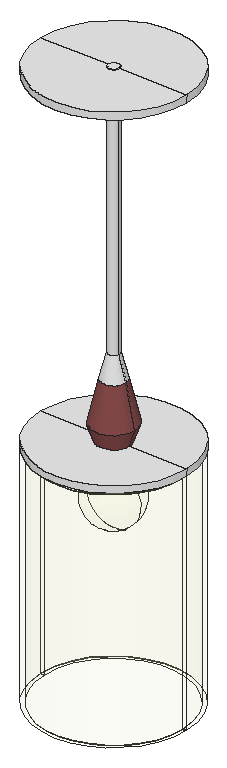
Revit family
Parameters (values of type "실링 03 W180*H700")
  천장 고정 재료 = 금속 - 크롬(2)
  천장 드롭 = 700.00 mm
  Wattage = 100 W
  built-in parameter 1150110 = 1 (stored number, unit not read)
  built-in parameter 1114217 = 1 (stored number, unit not read)
  built-in parameter 1150109 = 1 (stored number, unit not read)
  built-in parameter 1150134 = 4
  built-in parameter 1150113 = 1 (stored number, unit not read)
  Tilt Angle = 90.00°
  built-in parameter 1010507 = 1.5708 (stored number, unit not read)
  built-in parameter 1010506 = 0.5236 (stored number, unit not read)
  Manufacturer = ""
  Lumens = 1200 lm
  펜던트 재료 = 파스텔 노란색 유리
  Wattage Comments = "100"
  조명 재료 = 번트 레드 - 광택
  폭 = 180.00 mm
  built-in parameter 1150115 = 1 (stored number, unit not read)
  built-in parameter 1150105 = 4012.3 (stored number, unit not read)
  Light Source Symbol Length = 3048.00 mm
  built-in parameter 1150137 = (empty or 0)
  built-in parameter 1150139 = (empty or 0)
  built-in parameter 1150112 = 1 (stored number, unit not read)
  built-in parameter 1150114 = 1 (stored number, unit not read)
  built-in parameter 1150132 = (empty or 0)
  built-in parameter 1150102 = (empty or 0)
  built-in parameter 1150138 = (empty or 0)
  built-in parameter 1150107 = 2800 (stored number, unit not read)
  built-in parameter 1150106 = 40.123 (stored number, unit not read)
  built-in parameter 1150104 = 1.1148 (stored number, unit not read)
  Dimming Lamp Color Temperature Shift = (empty or 0)
  Color Filter = 16777215
  built-in parameter 1114218 = 1 (stored number, unit not read)
  built-in parameter 1150133 = 10 (stored number, unit not read)
Types (4, lengths in mm): name | 천장 드롭 | 폭
  (no name) | 700.00 | 180.00
  실링 02 W110*H1000 | 1000.00 | 110.00
  실링 01 W130*H900 | 900.00 | 130.00
  실링 03 W180*H700 | 700.00 | 180.00
Reference planes
  plane 1 "조명 축": y = 0
  plane 2 "천장": z = 2438.4
  plane 3 "조명 축": x = 0
  plane 4 "조명원 높이값": z = 1738.4
  plane 5: z = 1738.4
  plane 6: x = 90
  plane 7: y = 175
  plane 8: y = -175
  plane 9: x = -90
  plane 10: z = 2094.721
  plane 11: z = 2027.136
  plane 12: z = 2027.136
  plane 13: z = 2019.094
  plane 14: z = 2124.109
  plane 15: z = 2094.721
  plane 16: z = 2019.094
  plane 17: z = 2014.094
Forms (mm)
  Revolve 1, solid, material "금속 - 크롬(2)" <- "천장 고정 재료"
    sketch origin (0, 0, 0) x (1, 0, 0) y (0, 0, 1)
      loop
        line (0, 2438.4) -> (-90, 2438.4) -> (-90, 2429.937) -> (0, 2404.29) -> (0, 2438.4)
      axis (0, 2438.4) -> (0, 2404.29)
    angle from 0 to 360
  Revolve 2, solid, material "금속 - 크롬(2)" <- "천장 고정 재료"
    sketch origin (0, 0, -110) x (0, 0, -1) y (1, 0, 0)
      loop
        line (-2234.109, 0) -> (-2234.109, -6.35) -> (-2204.721, -14.225) -> (-2204.721, 0) -> (-2234.109, 0)
      axis (-2234.109, 0) -> (-2204.721, 0)
    angle from 0 to 360
  Revolve 3, solid, material "번트 레드 - 광택" <- "조명 재료"
    sketch origin (0, 0, -120) x (0, 0, -1) y (1, 0, 0)
      loop
        line (-2214.721, 0) -> (-2214.721, -14.225) -> (-2166.592, -26.224) -> (-2147.136, -19.143) -> (-2147.136, 0) -> (-2214.721, 0)
      axis (-2214.721, 0) -> (-2147.136, 0)
    angle from 0 to 360
  Revolve 4, solid, material "금속 - 크롬(2)" <- "천장 고정 재료"
    sketch origin (0, 0, 7.366) x (0, 0, -1) y (1, 0, 0)
      loop
        line (-2019.771, 0) -> (-2019.771, -90) -> (-2011.728, -90) -> (-2011.728, 0) -> (-2019.771, 0)
      axis (-2019.771, 0) -> (-2011.728, 0)
    angle from 0 to 360
  Revolve 5, solid, material "파스텔 노란색 유리" <- "펜던트 재료"
    sketch origin (0, 0, 0) x (0, 0, -1) y (1, 0, 0)
      loop
        line (-2019.094, 0) -> (-2019.094, -90) -> (-1738.4, -90) -> (-1738.4, -85) -> (-2014.094, -85) -> (-2014.094, 0) -> (-2019.094, 0)
      axis (-2019.094, 0) -> (-1738.4, 0)
    angle from 0 to 360
  Extrusion 6, solid, material "금속 - 크롬(2)" <- "천장 고정 재료"
    sketch origin (0, 0, 0) x (1, 0, 0) y (0, 1, 0)
      loop
        circle (0, 0) r 6.35
    from 2124.109 to 2438.4
  Revolve 7, solid, material "파스텔 노란색 유리" <- "펜던트 재료"
    sketch origin (0, 0, 0) x (0, 0, -1) y (1, 0, 0)
      loop
        line (-2014.094, 0) -> (-2014.094, -15) -> (-1996.929, -15)
        arc (-1996.929, -15) -> (-1957.817, -33.066) -> (-1930.198, 0) r 35.418
        line (-1930.198, 0) -> (-2014.094, 0)
      axis (-2014.094, 0) -> (-1930.198, 0)
    angle from 0 to 360
Lines and regions (mm)
  sketch lines
    curve 1: line (-1524, 1524, 0) -> (1524, 1524, 0)
    curve 2: line (-1524, 1524, 0) -> (-1524, -1524, 0)
    curve 3: line (-1524, -1524, 0) -> (1524, -1524, 0)
    curve 4: line (1524, 1524, 0) -> (1524, -1524, 0)
Dimensions and locks
  equal spacing: curve 2, plane 3 "조명 축", curve 4
  equal spacing: curve 3, plane 1 "조명 축", curve 1
  curve 2 to curve 4 = 3048.00 mm
  curve 3 to curve 1 = 3048.00 mm
  equal spacing: plane 6, plane 3 "조명 축", plane 9
  "폭": plane 6 to plane 9
  locked: Revolve 5 sketch curve to Revolve 5 sketch curve at 5
  "천장 드롭": plane 2 "천장" to plane 5
  locked: plane 10 to plane 11 at 67.585
  locked: plane 12 to plane 13 at 8.042
  locked: plane 14 to plane 15 at 29.388
  locked: plane 16 to plane 17 at 5
  locked: plane 16 to plane 5 at 280.694
  aligned and locked: plane 3 "조명 축" to Revolve 7 sketch curve  (x2)
  aligned and locked: Revolve 7 sketch curve to Revolve 5
  aligned and locked: plane 9 to Revolve 5 sketch curve
  aligned and locked: plane 9 to Revolve 4 sketch curve
  aligned and locked: Revolve 1 sketch curve to plane 9
  aligned and locked: plane 1 "조명 축" to imposter light  (x2)
  aligned and locked: imposter light to plane 1 "조명 축"
  aligned and locked: plane 10 to Revolve 3 sketch curve
  aligned and locked: Revolve 3 sketch curve to plane 11
  aligned and locked: plane 12 to Revolve 4 sketch curve
  aligned and locked: Revolve 4 sketch curve to plane 13
  aligned and locked: Revolve 2 sketch curve to plane 14
  aligned and locked: Revolve 2 sketch curve to plane 15
  aligned and locked: Revolve 5 to plane 16
  aligned and locked: plane 16 to Revolve 5 sketch curve
  aligned and locked: plane 5 to Revolve 5 sketch curve
  aligned and locked: Revolve 5 sketch curve to plane 3 "조명 축"
  aligned and locked: plane 17 to Revolve 5 sketch curve
  aligned and locked: plane 13 to plane 16
  aligned and locked: plane 12 to plane 11
  aligned and locked: plane 15 to plane 10
  aligned and locked: plane 14 to Extrusion 6
  aligned and locked: plane 2 "천장" to Extrusion 6
  aligned and locked: imposter light to Revolve 7
  aligned and locked: imposter light to plane 3 "조명 축"
  aligned and locked: plane 4 "조명원 높이값" to plane 5
Automatic sketch dimensions
  plane 3 "조명 축" to Revolve 2 sketch curve = 0.00 mm  (x2)
  Revolve 2 sketch curve to Revolve 2 sketch curve = 18.954 mm
  Revolve 2 sketch curve to Revolve 2 sketch curve = 41.658 mm
  Revolve 2 sketch curve to plane 3 "조명 축" = 6.35 mm
  Revolve 2 sketch curve to plane 3 "조명 축" = 14.225 mm
  Extrusion 6 sketch curve to plane 1 "조명 축" = 0.00 mm
  Extrusion 6 sketch curve to plane 3 "조명 축" = 0.00 mm
  Revolve 7 sketch curve to plane 3 "조명 축" = 0.00 mm
  Revolve 7 sketch curve to Revolve 7 sketch curve = 71.672 mm
  Revolve 7 sketch curve to Revolve 7 sketch curve = 17.165 mm
  plane 3 "조명 축" to Revolve 7 sketch curve = 1.489 mm
  Revolve 7 sketch curve to Revolve 7 sketch curve = 31.345 mm
  Revolve 7 sketch curve to Revolve 7 sketch curve = 35.386 mm
  Revolve 7 sketch curve to Revolve 7 sketch curve = 29.432 mm
  Revolve 4 sketch curve to plane 3 "조명 축" = 0.00 mm  (x2)
  Revolve 4 sketch curve to Revolve 4 sketch curve = 79.829 mm
  plane 4 "조명원 높이값" to Revolve 4 sketch curve = 16.434 mm
  Revolve 3 sketch curve to plane 3 "조명 축" = 0.00 mm  (x2)
  Revolve 3 sketch curve to Revolve 3 sketch curve = 44.879 mm
  Revolve 3 sketch curve to plane 3 "조명 축" = 14.225 mm
  Revolve 3 sketch curve to plane 3 "조명 축" = 26.224 mm
  Revolve 3 sketch curve to Revolve 3 sketch curve = 19.456 mm
  Revolve 3 sketch curve to plane 5 = 111.20 mm
  Revolve 3 sketch curve to Revolve 3 sketch curve = 19.143 mm
  Revolve 1 sketch curve to plane 2 "천장" = 0.00 mm
  Revolve 1 sketch curve to plane 3 "조명 축" = 0.00 mm  (x2)
  Revolve 1 sketch curve to plane 2 "천장" = 8.463 mm
  Revolve 1 sketch curve to plane 2 "천장" = 34.11 mm
  Revolve 1 sketch curve to Revolve 1 sketch curve = 92.89 mm
  Revolve 1 sketch curve to Revolve 1 sketch curve = 76.20 mm
  Revolve 5 sketch curve to plane 3 "조명 축" = 0.00 mm
  plane 11 to Revolve 5 sketch curve = 52.464 mm
  Revolve 5 sketch curve to plane 4 "조명원 높이값" = 21.909 mm
  radius of Extrusion 6 sketch curve = 6.35 mm
